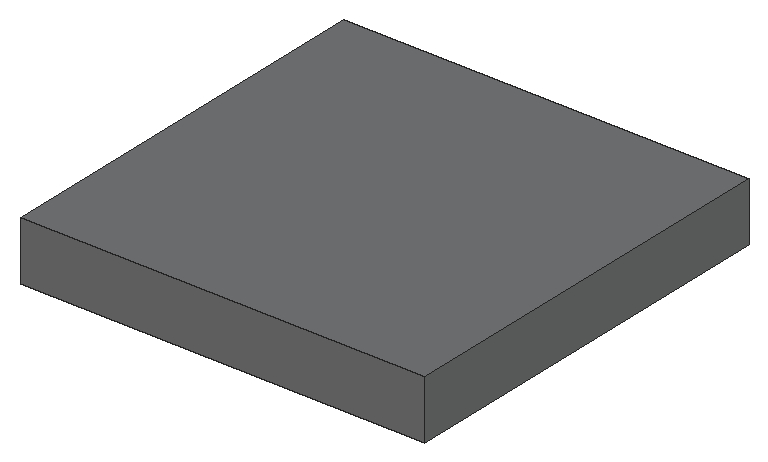
Revit family "Gira_028626", category Electrical Fixtures, host Face, Revit 2017
Family settings
  Host = Face
  Maintain Annotation Orientation = No
  Round Connector Dimension = Use Diameter
  Part Type = Normal
  Cut with Voids When Loaded = No
  Shared = No
  Room Calculation Point = No
Parameters (values of type "Rocker sym.bell System 55 c.alum.")
  With exchangeable lens/symbol = "No"
  URL = "http://katalog.gira.de/en/datenblatt.html?artikelnr=028626"
  Suitable for touch sensor connector for bus system = "No"
  Scannable symbol / barrier free = "No"
  Name = "Rocker sym.bell System 55 c.alum."
  Monitoring window/light outlet = "No"
  Model = "Single rocker"
  Manufacturer URL = "https://www.gira.de/"
  Manufacturer = "Gira"
  Keynote = ""
  HeinzeBIM = "https://bimportal.heinze.de/bim/rocker-sym-bell-system-55-c-alum-/8bab4b307d07a837e9e851ca5265a9c0626fb0c2"
  HAN = "028626"
  GTIN = "4010337286264"
  Description = "Rock.sym.bell Sys55 CAl,Rocker with symbol,Bell,colour aluminium,"
  Default Elevation = 1219.2 mm
  Data sheet (1) = "https://katalog.gira.de/en/download.html?artikelnr=028626"
  Category = "Control element/cover plate for domestic switching devices"
  BIM (1) = "https://media.stage.bim.site/public/gira/36a6b08/Sys55_Abdeckung_Schalten und Tasten.rfa?public/gira/36a6b08/Sys55_Abdeckung_Schalten und Tasten.rfa"
  Available = "No"
  Anthrazit [instance] = Anthrazit
Reference planes
  plane 1 "Center (Front/Back)": y = 0
  plane 2: z = 0
  plane 3 "Center (Left/Right)": x = 0
Forms (mm)
  Extrusion 1, solid, material "Anthrazit" <- "Anthrazit", detail levels fine
    sketch origin (0, 0, 0) x (1, 0, 0) y (0, 1, 0)
      loop
        line (-27.5, 27.5) -> (-27.5, -27.5) -> (27.5, -27.5) -> (27.5, 27.5) -> (-27.5, 27.5)
    from 0 to 8
  Extrusion 2, void
    sketch origin (0, 0, 0) x (1, 0, 0) y (0, 1, 0)
      loop
        line (26, 26) -> (-26, 26) -> (-26, -26) -> (26, -26) -> (26, 26)
    from 0 to 6
  Extrusion 3, solid, material "Anthrazit" <- "Anthrazit", detail levels medium
    sketch origin (0, 0, 0) x (1, 0, 0) y (0, 1, 0)
      loop
        line (-27.5, 27.5) -> (-27.5, -27.5) -> (27.5, -27.5) -> (27.5, 27.5) -> (-27.5, 27.5)
    from 0 to 8
  Extrusion 4, solid, material "Anthrazit" <- "Anthrazit", detail levels medium
    sketch origin (0, 0, 0) x (1, 0, 0) y (0, 1, 0)
      loop
        line (11, -17.5) -> (11, 17.5) -> (-11, 17.5) -> (-11, -17.5) -> (11, -17.5)
    from -6 to 6
  Extrusion 5, solid, material "Anthrazit" <- "Anthrazit", detail levels fine
    sketch origin (0, 0, 0) x (1, 0, 0) y (0, 1, 0)
      loop
        line (11, 17.5) -> (-11, 17.5) -> (-11, 16.5) -> (11, 16.5) -> (11, 17.5)
      loop
        line (-11, -16.5) -> (-11, -17.5) -> (11, -17.5) -> (11, -16.5) -> (-11, -16.5)
    from -4 to 6
  Extrusion 6, solid, material "Anthrazit" <- "Anthrazit", detail levels fine
    sketch origin (0, 0, 0) x (1, 0, 0) y (0, 1, 0)
      loop
        arc (5, 9.347) -> (0, 10.6) -> (-5, 9.347) r 10.6
        line (-5, 9.347) -> (-5, -9.347)
        arc (-5, -9.347) -> (0, -10.6) -> (5, -9.347) r 10.6
        line (5, -9.347) -> (5, 9.347)
    from -6 to 6
  Extrusion 7, solid, material "Anthrazit" <- "Anthrazit", detail levels coarse
    sketch origin (0, 0, 0) x (1, 0, 0) y (0, 1, 0)
      loop
        line (-27.5, 27.5) -> (-27.5, -27.5) -> (27.5, -27.5) -> (27.5, 27.5) -> (-27.5, 27.5)
    from -6 to 8
Cuts and joins
  Extrusion 2 cuts Extrusion 1
Dimensions and locks
  aligned and locked: plane 2 to host face
  aligned and locked: level to host face
